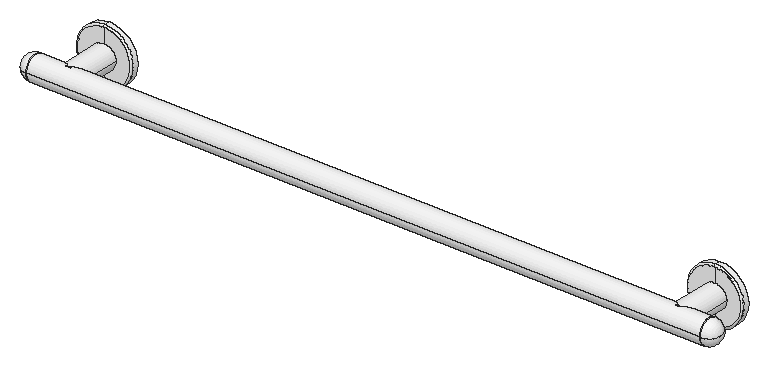
Revit family "rba-bim-rba4600-041", category Plumbing Fixtures, Revit 2016
Family settings
  Part Type = Normal
  Round Connector Dimension = Use Diameter
  Work Plane-Based = No
  Always vertical = Yes
  Cut with Voids When Loaded = No
  Shared = No
  Room Calculation Point = No
Parameters (values of type "RBA4600-041")
  Watermarked By = "www.rba.com.au"
  Waste Connection = yes
  Vent Connection = yes
  URL = "http://www.rba.com.au/accessible-disabled/grab-rails"
  Phone Number = "1300 788 778"
  OFFSET = 1000.0 mm
  Modified Issue = "20180813.01"
  Model = "RBA4600-041"
  Materials and Finishes = Stainless Steel / White Antibacterial Finish
  Manufacturer Model = ""
  Manufacturer = "RBA Group"
  HW Connection = yes
  Distance Away from Wall [instance] = 100.0 mm
  Distance Away from Toilet [instance] = 1090.0 mm
  Description = "Raffaello Straight Grab Rail 816mm"
  Copyright by = "RBA Group"  # constant formula
  CW Connection = yes
Types (3, lengths in mm): name | Model | Materials and Finishes
  RBA4600-041 | "RBA4600-041" | Stainless Steel / White Antibacterial Finish
  RBA4600-048 | "RBA4600-048" | Stainless Steel / Matte Black Antibacterial Finish
  RBA4600-049 | "RBA4600-049" | Stainless Steel / Bright Finish
Reference planes
  plane 1 "Center (Front/Back)": y = 0
  plane 2: z = 0
  plane 3 "Center (Left/Right)": x = 0
  plane 4: x = -408
  plane 5: x = 408
  plane 6: x = -450
  plane 7: x = 450
  plane 8: x = 466
  plane 9: x = -466
  plane 10: y = -9.5
  plane 11: y = -55
Forms (mm)
  Extrusion 1, solid, material "Stainless Steel / White Antibacterial Finish" <- "Materials and Finishes"
    sketch origin (-75, 0, 0) x (1, 0, 0) y (0, 0, 1)
      loop
        circle (-333, 0) r 16
    from 9.5 to 71
  Extrusion 2, solid, material "Stainless Steel / White Antibacterial Finish" <- "Materials and Finishes"
    sketch origin (75, 0, 0) x (-1, 0, 0) y (0, 0, -1)
      loop
        circle (-333, 0) r 16
    from 9.5 to 71
  Extrusion 3, solid, material "Stainless Steel / White Antibacterial Finish" <- "Materials and Finishes"
    sketch origin (0, -0.5, -1000) x (0, 1, 0) y (0, 0, 1)
      loop
        circle (-70.5, 1000) r 16
    from -450 to 450
  Revolve 4, solid, material "Stainless Steel / White Antibacterial Finish" <- "Materials and Finishes"
    sketch origin (-150, 0, 0) x (1, 0, 0) y (0, 1, 0)
      loop
        line (-316, -71) -> (-300, -71) -> (-300, -55)
        arc (-300, -55) -> (-311.314, -59.686) -> (-316, -71) r 16
      axis (-316, -71) -> (-300, -71)
    angle from 0 to 360
  Revolve 5, solid, material "Stainless Steel / White Antibacterial Finish" <- "Materials and Finishes"
    sketch origin (150, 0, 0) x (-1, 0, 0) y (0, -1, 0)
      loop
        arc (-316, 71) -> (-311.314, 59.686) -> (-300, 55) r 16
        line (-300, 55) -> (-300, 71) -> (-316, 71)
      axis (-316, 71) -> (-300, 71)
    angle from 0 to 360
  Revolve 6, solid, material "Stainless Steel / White Antibacterial Finish" <- "Materials and Finishes"
    sketch origin (408, 0, -450) x (0, 1, 0) y (0, 0, 1)
      loop
        line (0, 487.5) -> (-7.5, 487.5)
        arc (-7.5, 487.5) -> (-8.914, 486.914) -> (-9.5, 485.5) r 2
        line (-9.5, 485.5) -> (-9.5, 450) -> (0, 450) -> (0, 487.5)
      axis (0, 450) -> (-9.5, 450)
    angle from 0 to 360
  Revolve 7, solid, material "Stainless Steel / White Antibacterial Finish" <- "Materials and Finishes"
    sketch origin (-408, 0, -450) x (0, 1, 0) y (0, 0, 1)
      loop
        line (0, 487.5) -> (-7.5, 487.5)
        arc (-7.5, 487.5) -> (-8.914, 486.914) -> (-9.5, 485.5) r 2
        line (-9.5, 485.5) -> (-9.5, 450) -> (0, 450) -> (0, 487.5)
      axis (0, 450) -> (-9.5, 450)
    angle from 0 to 360
Dimensions and locks
  plane 4 to plane 5 = 816.0 mm
  plane 6 to plane 7 = 900.0 mm
  plane 1 "Center (Front/Back)" to plane 10 = 9.5 mm
  plane 5 to plane 7 = 42.0 mm
  plane 9 to plane 8 = 932.0 mm
  Extrusion 3 to plane 1 "Center (Front/Back)" = 55.0 mm
  plane 9 to plane 4 = 58.0 mm
  plane 6 to plane 4 = 42.0 mm
  plane 5 to plane 8 = 58.0 mm
  radius of Revolve 4 sketch curve = 16.0 mm
  radius of Revolve 5 sketch curve = 16.0 mm
  aligned and locked: plane 2 to level
  aligned and locked: level to Extrusion 1  (x5)
  aligned and locked: level to Extrusion 2
  aligned and locked: Extrusion 3 to plane 6
  aligned and locked: plane 7 to Extrusion 3
  aligned and locked: Revolve 4 to plane 6  (x2)
  aligned and locked: Extrusion 3 to Revolve 5
  aligned and locked: Revolve 5 to plane 7  (x2)
  aligned and locked: plane 5 to Revolve 6  (x2)
  aligned and locked: plane 10 to Extrusion 2
  aligned and locked: plane 4 to Revolve 7  (x2)
  aligned and locked: plane 10 to Extrusion 1
  aligned and locked: Extrusion 1 to plane 10
  aligned and locked: Extrusion 2 to plane 10
